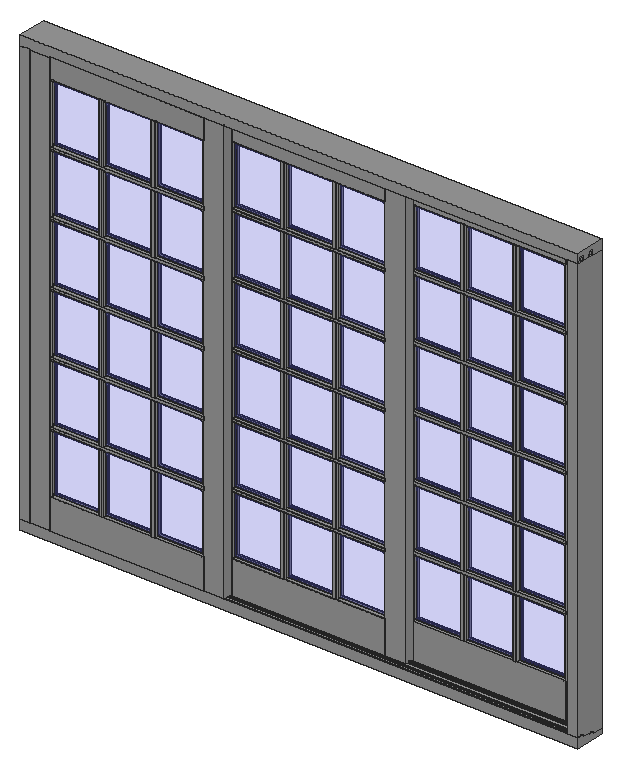
Revit family "VSD2.6SPTS RH", category Doors, host Wall, Revit 2015 (continued)
Automatic sketch dimensions
  Extrusion 72 sketch curve to Extrusion 72 sketch curve = 1.197 mm  (x3)
  Extrusion 72 sketch curve to host wall = 26 mm  (x2)
  Sweep 73 sketch curve to plane 2 "Center (Left/Right)" = 117 mm
  plane 2 "Center (Left/Right)" to Sweep 73 sketch curve = 117 mm
  plane 5 to Sweep 73 sketch curve = 722 mm
  Sweep 73 sketch curve to Sweep 73 sketch curve = 284 mm
  profile plane to Sweep 73 sketch curve = 0 mm
  profile plane to Sweep 73 sketch curve = 0.241 mm
  Sweep 73 sketch curve to Sweep 73 sketch curve = 6.759 mm
  Sweep 73 sketch curve to Sweep 73 sketch curve = 2 mm  (x2)
  Sweep 73 sketch curve to profile plane = 132.5 mm
  Sweep 73 sketch curve to Sweep 73 sketch curve = 6 mm
  Sweep 74 sketch curve to plane 2 "Center (Left/Right)" = 364 mm
  Sweep 74 sketch curve to plane 2 "Center (Left/Right)" = 130 mm
  plane 5 to Sweep 74 sketch curve = 722 mm
  Sweep 74 sketch curve to Sweep 74 sketch curve = 284 mm
  profile plane to Sweep 74 sketch curve = 0 mm
  profile plane to Sweep 74 sketch curve = 0.241 mm
  Sweep 74 sketch curve to Sweep 74 sketch curve = 6.759 mm
  Sweep 74 sketch curve to Sweep 74 sketch curve = 2 mm  (x2)
  Sweep 74 sketch curve to profile plane = 132.5 mm
  Sweep 74 sketch curve to Sweep 74 sketch curve = 6 mm
  plane 2 "Center (Left/Right)" to Sweep 75 sketch curve = 130 mm
  Sweep 75 sketch curve to Sweep 75 sketch curve = 234 mm
  plane 5 to Sweep 75 sketch curve = 1019 mm
  Sweep 75 sketch curve to Sweep 75 sketch curve = 284 mm
  profile plane to Sweep 75 sketch curve = 0 mm
  profile plane to Sweep 75 sketch curve = 0.241 mm
  Sweep 75 sketch curve to Sweep 75 sketch curve = 6.759 mm
  Sweep 75 sketch curve to Sweep 75 sketch curve = 2 mm  (x2)
  Sweep 75 sketch curve to profile plane = 132.5 mm
  Sweep 75 sketch curve to Sweep 75 sketch curve = 6 mm
  host wall to Extrusion 76 sketch curve = 6 mm  (x4)
  Extrusion 76 sketch curve to plane 2 "Center (Left/Right)" = 139 mm
  Extrusion 76 sketch curve to Extrusion 76 sketch curve = 2 mm  (x7)
  Extrusion 76 sketch curve to Extrusion 76 sketch curve = 6.759 mm  (x4)
  Extrusion 76 sketch curve to Extrusion 76 sketch curve = 0.241 mm  (x6)
  Extrusion 76 sketch curve to Extrusion 76 sketch curve = 13 mm  (x2)
  Extrusion 76 sketch curve to Extrusion 76 sketch curve = 0 mm  (x2)
  plane 2 "Center (Left/Right)" to Extrusion 76 sketch curve = 108 mm
  Extrusion 76 sketch curve to Extrusion 76 sketch curve = 6 mm  (x4)
  Extrusion 76 sketch curve to Extrusion 76 sketch curve = 1.197 mm  (x3)
  Extrusion 76 sketch curve to host wall = 26 mm  (x2)
  Sweep 77 sketch curve to plane 2 "Center (Left/Right)" = 117 mm
  plane 2 "Center (Left/Right)" to Sweep 77 sketch curve = 117 mm
  plane 5 to Sweep 77 sketch curve = 1019 mm
  Sweep 77 sketch curve to Sweep 77 sketch curve = 284 mm
  profile plane to Sweep 77 sketch curve = 0 mm
  profile plane to Sweep 77 sketch curve = 0.241 mm
  Sweep 77 sketch curve to Sweep 77 sketch curve = 6.759 mm
  Sweep 77 sketch curve to Sweep 77 sketch curve = 2 mm  (x2)
  Sweep 77 sketch curve to profile plane = 132.5 mm
  Sweep 77 sketch curve to Sweep 77 sketch curve = 6 mm
  Sweep 78 sketch curve to plane 2 "Center (Left/Right)" = 364 mm
  Sweep 78 sketch curve to plane 2 "Center (Left/Right)" = 130 mm
  plane 5 to Sweep 78 sketch curve = 1019 mm
  Sweep 78 sketch curve to Sweep 78 sketch curve = 284 mm
  profile plane to Sweep 78 sketch curve = 0 mm
  profile plane to Sweep 78 sketch curve = 0.241 mm
  Sweep 78 sketch curve to Sweep 78 sketch curve = 6.759 mm
  Sweep 78 sketch curve to Sweep 78 sketch curve = 2 mm  (x2)
  Sweep 78 sketch curve to profile plane = 132.5 mm
  Sweep 78 sketch curve to Sweep 78 sketch curve = 6 mm
  plane 2 "Center (Left/Right)" to Sweep 79 sketch curve = 130 mm
  Sweep 79 sketch curve to Sweep 79 sketch curve = 234 mm
  level to Sweep 79 sketch curve = 784 mm
  Sweep 79 sketch curve to Sweep 79 sketch curve = 284 mm
  profile plane to Sweep 79 sketch curve = 0 mm
  profile plane to Sweep 79 sketch curve = 0.241 mm
  Sweep 79 sketch curve to Sweep 79 sketch curve = 6.759 mm
  Sweep 79 sketch curve to Sweep 79 sketch curve = 2 mm  (x2)
  Sweep 79 sketch curve to profile plane = 132.5 mm
  Sweep 79 sketch curve to Sweep 79 sketch curve = 6 mm
  host wall to Extrusion 80 sketch curve = 6 mm  (x4)
  Extrusion 80 sketch curve to plane 2 "Center (Left/Right)" = 139 mm
  Extrusion 80 sketch curve to Extrusion 80 sketch curve = 2 mm  (x7)
  Extrusion 80 sketch curve to Extrusion 80 sketch curve = 6.759 mm  (x4)
  Extrusion 80 sketch curve to Extrusion 80 sketch curve = 0.241 mm  (x6)
  Extrusion 80 sketch curve to Extrusion 80 sketch curve = 13 mm  (x2)
  Extrusion 80 sketch curve to Extrusion 80 sketch curve = 0 mm  (x2)
  plane 2 "Center (Left/Right)" to Extrusion 80 sketch curve = 108 mm
  Extrusion 80 sketch curve to Extrusion 80 sketch curve = 6 mm  (x4)
  Extrusion 80 sketch curve to Extrusion 80 sketch curve = 1.197 mm  (x3)
  Extrusion 80 sketch curve to host wall = 26 mm  (x2)
  Sweep 81 sketch curve to plane 2 "Center (Left/Right)" = 117 mm
  plane 2 "Center (Left/Right)" to Sweep 81 sketch curve = 117 mm
  level to Sweep 81 sketch curve = 784 mm
  Sweep 81 sketch curve to Sweep 81 sketch curve = 284 mm
  profile plane to Sweep 81 sketch curve = 0 mm
  profile plane to Sweep 81 sketch curve = 0.241 mm
  Sweep 81 sketch curve to Sweep 81 sketch curve = 6.759 mm
  Sweep 81 sketch curve to Sweep 81 sketch curve = 2 mm  (x2)
  Sweep 81 sketch curve to profile plane = 132.5 mm
  Sweep 81 sketch curve to Sweep 81 sketch curve = 6 mm
  Sweep 82 sketch curve to plane 2 "Center (Left/Right)" = 364 mm
  Sweep 82 sketch curve to plane 2 "Center (Left/Right)" = 130 mm
  level to Sweep 82 sketch curve = 784 mm
  Sweep 82 sketch curve to Sweep 82 sketch curve = 284 mm
  profile plane to Sweep 82 sketch curve = 0 mm
  profile plane to Sweep 82 sketch curve = 0.241 mm
  Sweep 82 sketch curve to Sweep 82 sketch curve = 6.759 mm
  Sweep 82 sketch curve to Sweep 82 sketch curve = 2 mm  (x2)
  Sweep 82 sketch curve to profile plane = 132.5 mm
  Sweep 82 sketch curve to Sweep 82 sketch curve = 6 mm
  plane 2 "Center (Left/Right)" to Sweep 83 sketch curve = 130 mm
  Sweep 83 sketch curve to Sweep 83 sketch curve = 234 mm
  level to Sweep 83 sketch curve = 487 mm
  Sweep 83 sketch curve to Sweep 83 sketch curve = 284 mm
  profile plane to Sweep 83 sketch curve = 0 mm
  profile plane to Sweep 83 sketch curve = 0.241 mm
  Sweep 83 sketch curve to Sweep 83 sketch curve = 6.759 mm
  Sweep 83 sketch curve to Sweep 83 sketch curve = 2 mm  (x2)
  Sweep 83 sketch curve to profile plane = 132.5 mm
  Sweep 83 sketch curve to Sweep 83 sketch curve = 6 mm
  host wall to Extrusion 84 sketch curve = 6 mm  (x4)
  Extrusion 84 sketch curve to plane 2 "Center (Left/Right)" = 139 mm
  Extrusion 84 sketch curve to Extrusion 84 sketch curve = 2 mm  (x7)
  Extrusion 84 sketch curve to Extrusion 84 sketch curve = 6.759 mm  (x4)
  Extrusion 84 sketch curve to Extrusion 84 sketch curve = 0.241 mm  (x6)
  Extrusion 84 sketch curve to Extrusion 84 sketch curve = 13 mm  (x2)
  Extrusion 84 sketch curve to Extrusion 84 sketch curve = 0 mm  (x2)
  plane 2 "Center (Left/Right)" to Extrusion 84 sketch curve = 108 mm
  Extrusion 84 sketch curve to Extrusion 84 sketch curve = 6 mm  (x4)
  Extrusion 84 sketch curve to Extrusion 84 sketch curve = 1.197 mm  (x3)
  Extrusion 84 sketch curve to host wall = 26 mm  (x2)
  Sweep 85 sketch curve to plane 2 "Center (Left/Right)" = 117 mm
  plane 2 "Center (Left/Right)" to Sweep 85 sketch curve = 117 mm
  level to Sweep 85 sketch curve = 487 mm
  Sweep 85 sketch curve to Sweep 85 sketch curve = 284 mm
  profile plane to Sweep 85 sketch curve = 0 mm
  profile plane to Sweep 85 sketch curve = 0.241 mm
  Sweep 85 sketch curve to Sweep 85 sketch curve = 6.759 mm
  Sweep 85 sketch curve to Sweep 85 sketch curve = 2 mm  (x2)
  Sweep 85 sketch curve to profile plane = 132.5 mm
  Sweep 85 sketch curve to Sweep 85 sketch curve = 6 mm
  Sweep 86 sketch curve to plane 2 "Center (Left/Right)" = 364 mm
  Sweep 86 sketch curve to plane 2 "Center (Left/Right)" = 130 mm
  level to Sweep 86 sketch curve = 487 mm
  Sweep 86 sketch curve to Sweep 86 sketch curve = 284 mm
  profile plane to Sweep 86 sketch curve = 0 mm
  profile plane to Sweep 86 sketch curve = 0.241 mm
  Sweep 86 sketch curve to Sweep 86 sketch curve = 6.759 mm
  Sweep 86 sketch curve to Sweep 86 sketch curve = 2 mm  (x2)
  Sweep 86 sketch curve to profile plane = 132.5 mm
  Sweep 86 sketch curve to Sweep 86 sketch curve = 6 mm
  plane 2 "Center (Left/Right)" to Sweep 87 sketch curve = 130 mm
  Sweep 87 sketch curve to Sweep 87 sketch curve = 234 mm
  level to Sweep 87 sketch curve = 190 mm
  Sweep 87 sketch curve to Sweep 87 sketch curve = 284 mm
  profile plane to Sweep 87 sketch curve = 0 mm
  profile plane to Sweep 87 sketch curve = 0.241 mm
  Sweep 87 sketch curve to Sweep 87 sketch curve = 6.759 mm
  Sweep 87 sketch curve to Sweep 87 sketch curve = 2 mm  (x2)
  Sweep 87 sketch curve to profile plane = 132.5 mm
  Sweep 87 sketch curve to Sweep 87 sketch curve = 6 mm
  host wall to Extrusion 88 sketch curve = 6 mm  (x4)
  Extrusion 88 sketch curve to plane 2 "Center (Left/Right)" = 139 mm
  Extrusion 88 sketch curve to Extrusion 88 sketch curve = 2 mm  (x7)
  Extrusion 88 sketch curve to Extrusion 88 sketch curve = 6.759 mm  (x4)
  Extrusion 88 sketch curve to Extrusion 88 sketch curve = 0.241 mm  (x6)
  Extrusion 88 sketch curve to Extrusion 88 sketch curve = 13 mm  (x2)
  Extrusion 88 sketch curve to Extrusion 88 sketch curve = 0 mm  (x2)
  plane 2 "Center (Left/Right)" to Extrusion 88 sketch curve = 108 mm
  Extrusion 88 sketch curve to Extrusion 88 sketch curve = 6 mm  (x4)
  Extrusion 88 sketch curve to Extrusion 88 sketch curve = 1.197 mm  (x3)
  Extrusion 88 sketch curve to host wall = 26 mm  (x2)
  Sweep 89 sketch curve to plane 2 "Center (Left/Right)" = 117 mm
  plane 2 "Center (Left/Right)" to Sweep 89 sketch curve = 117 mm
  level to Sweep 89 sketch curve = 190 mm
  Sweep 89 sketch curve to Sweep 89 sketch curve = 284 mm
  profile plane to Sweep 89 sketch curve = 0 mm
  profile plane to Sweep 89 sketch curve = 0.241 mm
  Sweep 89 sketch curve to Sweep 89 sketch curve = 6.759 mm
  Sweep 89 sketch curve to Sweep 89 sketch curve = 2 mm  (x2)
  Sweep 89 sketch curve to profile plane = 132.5 mm
  Sweep 89 sketch curve to Sweep 89 sketch curve = 6 mm
  Sweep 90 sketch curve to plane 2 "Center (Left/Right)" = 364 mm
  Sweep 90 sketch curve to plane 2 "Center (Left/Right)" = 130 mm
  level to Sweep 90 sketch curve = 190 mm
  Sweep 90 sketch curve to Sweep 90 sketch curve = 284 mm
  profile plane to Sweep 90 sketch curve = 0 mm
  profile plane to Sweep 90 sketch curve = 0.241 mm
  Sweep 90 sketch curve to Sweep 90 sketch curve = 6.759 mm
  Sweep 90 sketch curve to Sweep 90 sketch curve = 2 mm  (x2)
  Sweep 90 sketch curve to profile plane = 132.5 mm
  Sweep 90 sketch curve to Sweep 90 sketch curve = 6 mm
  Extrusion 39 sketch curve to host wall = 5 mm  (x7)
  Extrusion 39 sketch curve to Extrusion 39 sketch curve = 2 mm  (x28)
  Extrusion 39 sketch curve to Extrusion 39 sketch curve = 6 mm  (x12)
  Extrusion 39 sketch curve to Extrusion 39 sketch curve = 0.803 mm  (x8)
  Extrusion 39 sketch curve to Extrusion 39 sketch curve = 6.803 mm  (x4)
  Extrusion 39 sketch curve to Extrusion 39 sketch curve = 1.197 mm  (x8)
  Extrusion 39 sketch curve to Extrusion 39 sketch curve = 30 mm  (x5)
  host wall to Extrusion 39 sketch curve = 30 mm  (x2)
  level to Extrusion 39 sketch curve = 45 mm
  Extrusion 39 sketch curve to Extrusion 39 sketch curve = 145 mm
  Extrusion 39 sketch curve to Extrusion 39 sketch curve = 0 mm  (x4)
  Extrusion 39 sketch curve to Extrusion 39 sketch curve = 0.241 mm  (x12)
  Extrusion 39 sketch curve to Extrusion 39 sketch curve = 266 mm  (x5)
  Extrusion 39 sketch curve to Extrusion 39 sketch curve = 6.759 mm  (x6)
  Extrusion 39 sketch curve to Extrusion 39 sketch curve = 13 mm  (x7)
  plane 5 to Extrusion 39 sketch curve = 150 mm
  plane 5 to Extrusion 39 sketch curve = 45 mm
  Extrusion 13 sketch curve to host wall = 34 mm  (x7)
  Extrusion 13 sketch curve to Extrusion 13 sketch curve = 2 mm  (x28)
  Extrusion 13 sketch curve to Extrusion 13 sketch curve = 6 mm  (x12)
  Extrusion 13 sketch curve to Extrusion 13 sketch curve = 0.803 mm  (x8)
  Extrusion 13 sketch curve to Extrusion 13 sketch curve = 6.803 mm  (x4)
  Extrusion 13 sketch curve to Extrusion 13 sketch curve = 1.197 mm  (x8)
  Extrusion 13 sketch curve to host wall = 1 mm  (x7)
  level to Extrusion 13 sketch curve = 21 mm
  Extrusion 13 sketch curve to Extrusion 13 sketch curve = 169 mm
  Extrusion 13 sketch curve to Extrusion 13 sketch curve = 0 mm  (x4)
  Extrusion 13 sketch curve to Extrusion 13 sketch curve = 0.241 mm  (x12)
  Extrusion 13 sketch curve to Extrusion 13 sketch curve = 266 mm  (x5)
  Extrusion 13 sketch curve to Extrusion 13 sketch curve = 6.759 mm  (x6)
  Extrusion 13 sketch curve to Extrusion 13 sketch curve = 13 mm  (x7)
  plane 5 to Extrusion 13 sketch curve = 150 mm
  plane 5 to Extrusion 13 sketch curve = 45 mm
  host wall to Extrusion 65 sketch curve = 14 mm  (x7)
  Extrusion 65 sketch curve to Extrusion 65 sketch curve = 2 mm  (x28)
  host wall to Extrusion 65 sketch curve = 6 mm  (x12)
  host wall to Extrusion 65 sketch curve = 5.197 mm  (x12)
  Extrusion 65 sketch curve to Extrusion 65 sketch curve = 1.197 mm  (x8)
  Extrusion 65 sketch curve to host wall = 26 mm  (x7)
  level to Extrusion 65 sketch curve = 33 mm
  Extrusion 65 sketch curve to Extrusion 65 sketch curve = 157 mm
  Extrusion 65 sketch curve to Extrusion 65 sketch curve = 0 mm  (x4)
  Extrusion 65 sketch curve to Extrusion 65 sketch curve = 0.241 mm  (x12)
  Extrusion 65 sketch curve to Extrusion 65 sketch curve = 266 mm  (x5)
  Extrusion 65 sketch curve to Extrusion 65 sketch curve = 6.759 mm  (x6)
  Extrusion 65 sketch curve to Extrusion 65 sketch curve = 13 mm  (x7)
  plane 5 to Extrusion 65 sketch curve = 150 mm
  plane 5 to Extrusion 65 sketch curve = 45 mm
